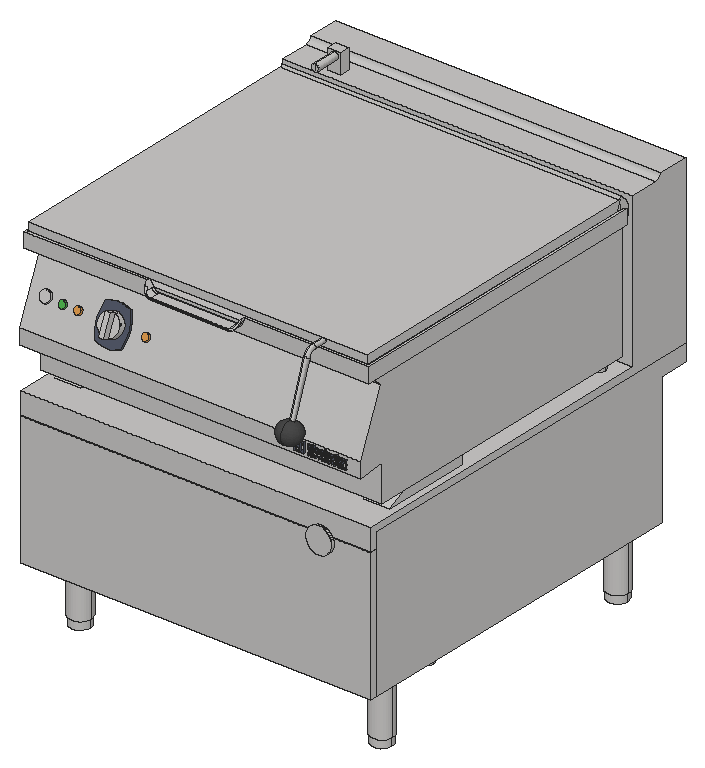
Revit family "QF_ELECTROLUXPROFESSIONAL_391417_E9PPBDBAMED", category Specialty Equipment, Revit 2018 (continued)
Automatic sketch dimensions
  profile plane to Sweep 30 sketch curve = 676.16 mm
  Revolve 31 sketch curve to plane 11 = 23.591 mm
  Revolve 31 sketch curve to plane 8 "Center X" = 65.198 mm
  Revolve 31 sketch curve to Revolve 31 sketch curve = 0 mm  (x4)
  Revolve 31 sketch curve to Revolve 31 sketch curve = 4.229 mm
  Revolve 31 sketch curve to Revolve 31 sketch curve = 3.746 mm
  Revolve 31 sketch curve to Revolve 31 sketch curve = 7.415 mm
  Revolve 31 sketch curve to Revolve 31 sketch curve = 22.45 mm
  Extrusion 33 sketch curve to Sweep 5 = 0 mm  (x2)
  Extrusion 33 sketch curve to Sweep 5 = 0.006 mm
  Extrusion 33 sketch curve to Sweep 5 = 220 mm
  Sweep 5 to Extrusion 33 sketch curve = 0.004 mm
  Extrusion 33 sketch curve to Sweep 5 = 7.312 mm
  Sweep 5 to Extrusion 33 sketch curve = 12.672 mm
  Sweep 5 to Extrusion 33 sketch curve = 4.465 mm
  Extrusion 33 sketch curve to Extrusion 33 sketch curve = 14.214 mm
  Extrusion 33 sketch curve to Extrusion 33 sketch curve = 21.526 mm
  Sweep 5 to Extrusion 33 sketch curve = 12.678 mm
  Extrusion 33 sketch curve to Extrusion 33 sketch curve = 7.323 mm
  curve 52 to plane 7 "Center Y" = 104.586 mm
  curve 52 to curve 2 = 14.792 mm
  curve 2 to curve 45 = 54.848 mm
  curve 45 to curve 52 = 17.07 mm
  curve 52 to curve 1 = 11.572 mm
  curve 44 to curve 44 = 17.07 mm
  plane 14 to curve 12 = 62.192 mm
  plane 14 to curve 32 = 61.843 mm
  curve 13 to curve 26 = 5.816 mm
  curve 26 to curve 13 = 7.309 mm
  curve 6 to curve 11 = 4.184 mm
  Sweep 5 sketch curve to plane 7 "Center Y" = 110 mm
  curve 57 to plane 7 "Center Y" = 86.566 mm
  curve 57 to curve 56 = 11.953 mm
  curve 56 to curve 50 = 23.021 mm
  curve 47 to curve 46 = 17.109 mm
  curve 46 to curve 51 = 23.335 mm
  curve 46 to curve 49 = 5.786 mm  (x2)
  curve 51 to plane 5 "FRONT" = 8.041 mm
  plane 14 to curve 35 = 56.375 mm
  curve 35 to curve 34 = 16.25 mm
  Extrusion 20 sketch curve to plane 7 "Center Y" = 88.474 mm
  plane 14 to Extrusion 22 sketch curve = 117.656 mm
  Extrusion 22 sketch curve to Extrusion 22 sketch curve = 2.119 mm
  Extrusion 22 sketch curve to Extrusion 22 sketch curve = 28.523 mm
  Extrusion 22 sketch curve to Extrusion 22 sketch curve = 30.616 mm
  plane 14 to Extrusion 23 sketch curve = 67.623 mm
  plane 14 to Extrusion 24 sketch curve = 32.319 mm
  plane 14 to Extrusion 25 sketch curve = 147.917 mm
  Extrusion 28 sketch curve to plane 7 "Center Y" = 122.377 mm
  plane 9 "Base" to Revolve 1 sketch curve = 20 mm
  plane 9 "Base" to Revolve 2 sketch curve = 20 mm
  Revolve 13 sketch curve to Revolve 13 sketch curve = 20 mm
  plane 9 "Base" to Revolve 14 sketch curve = 20 mm
  plane 7 "Center Y" to curve 53 = 119.371 mm
  plane 22 to Extrusion 7 sketch curve = 83.682 mm
  plane 22 to Extrusion 19 sketch curve = 83.682 mm
  Extrusion 32 sketch curve to Extrusion 32 sketch curve = 0 mm  (x28)
  plane 16 to Extrusion 32 sketch curve = 31.031 mm
  plane 10 to Extrusion 32 sketch curve = 104.853 mm
  Extrusion 32 sketch curve to Extrusion 32 sketch curve = 3.509 mm  (x2)
  Extrusion 32 sketch curve to plane 16 = 9.633 mm
  Extrusion 32 sketch curve to Extrusion 32 sketch curve = 2.459 mm  (x3)
  Extrusion 32 sketch curve to plane 16 = 1.86 mm
  plane 16 to Extrusion 32 sketch curve = 4.143 mm
  Extrusion 32 sketch curve to Extrusion 32 sketch curve = 5.968 mm
  Extrusion 32 sketch curve to Extrusion 32 sketch curve = 0.918 mm  (x4)
  Extrusion 32 sketch curve to Extrusion 32 sketch curve = 0.949 mm  (x2)
  Extrusion 32 sketch curve to Extrusion 32 sketch curve = 1.035 mm
  Extrusion 32 sketch curve to Extrusion 32 sketch curve = 1.047 mm
  Extrusion 32 sketch curve to Extrusion 32 sketch curve = 3.513 mm  (x2)
  plane 16 to Extrusion 32 sketch curve = 36.887 mm
  Extrusion 32 sketch curve to Extrusion 32 sketch curve = 0.045 mm  (x2)
  plane 16 to Extrusion 32 sketch curve = 29.554 mm
  Extrusion 32 sketch curve to Extrusion 32 sketch curve = 0.277 mm
  Extrusion 32 sketch curve to Extrusion 32 sketch curve = 0.3 mm  (x2)
  Extrusion 32 sketch curve to Extrusion 32 sketch curve = 0.004 mm  (x3)
  Extrusion 32 sketch curve to Extrusion 32 sketch curve = 0.636 mm
  Extrusion 32 sketch curve to Extrusion 32 sketch curve = 0.02 mm  (x2)
  plane 16 to Extrusion 32 sketch curve = 36.125 mm
  Extrusion 32 sketch curve to Extrusion 32 sketch curve = 0.479 mm  (x2)
  plane 16 to Extrusion 32 sketch curve = 28.791 mm
  Extrusion 32 sketch curve to Extrusion 32 sketch curve = 1.645 mm
  Extrusion 32 sketch curve to Extrusion 32 sketch curve = 1.672 mm
  plane 16 to Extrusion 32 sketch curve = 4.181 mm
  Extrusion 32 sketch curve to Extrusion 32 sketch curve = 1.71 mm
  Extrusion 32 sketch curve to Extrusion 32 sketch curve = 0.447 mm  (x2)
  Extrusion 32 sketch curve to Extrusion 32 sketch curve = 0.343 mm
  plane 16 to Extrusion 32 sketch curve = 65.019 mm
  Extrusion 32 sketch curve to Extrusion 32 sketch curve = 0.246 mm
  Extrusion 32 sketch curve to Extrusion 32 sketch curve = 0.124 mm  (x2)
  Extrusion 32 sketch curve to Extrusion 32 sketch curve = 1.995 mm
  Extrusion 32 sketch curve to plane 16 = 3.68 mm
  Extrusion 32 sketch curve to Extrusion 32 sketch curve = 0.996 mm  (x2)
  Extrusion 32 sketch curve to Extrusion 32 sketch curve = 0.509 mm
  Extrusion 32 sketch curve to Extrusion 32 sketch curve = 2.427 mm  (x2)
  Extrusion 32 sketch curve to Extrusion 32 sketch curve = 0.616 mm  (x2)
  Extrusion 32 sketch curve to Extrusion 32 sketch curve = 0.017 mm  (x2)
  Extrusion 32 sketch curve to Extrusion 32 sketch curve = 0.926 mm
  Extrusion 32 sketch curve to Extrusion 32 sketch curve = 0.911 mm
  Extrusion 32 sketch curve to Extrusion 32 sketch curve = 1.839 mm
  Extrusion 32 sketch curve to Extrusion 32 sketch curve = 0.306 mm  (x2)
  Extrusion 32 sketch curve to Extrusion 32 sketch curve = 0.917 mm  (x3)
  Extrusion 32 sketch curve to Extrusion 32 sketch curve = 0.159 mm  (x2)
  Extrusion 32 sketch curve to plane 16 = 3.231 mm
  Extrusion 32 sketch curve to Extrusion 32 sketch curve = 1.342 mm
  Extrusion 32 sketch curve to Extrusion 32 sketch curve = 0.187 mm  (x2)
  Extrusion 32 sketch curve to Extrusion 32 sketch curve = 0.679 mm  (x2)
  Extrusion 32 sketch curve to Extrusion 32 sketch curve = 0.67 mm
  Extrusion 32 sketch curve to Extrusion 32 sketch curve = 0.002 mm
  Extrusion 32 sketch curve to Extrusion 32 sketch curve = 0.007 mm  (x3)
  Extrusion 32 sketch curve to Extrusion 32 sketch curve = 0.383 mm  (x4)
  plane 16 to Extrusion 32 sketch curve = 26.86 mm
  plane 16 to Extrusion 32 sketch curve = 34.193 mm
  Extrusion 32 sketch curve to Extrusion 32 sketch curve = 0.075 mm  (x2)
  Extrusion 32 sketch curve to Extrusion 32 sketch curve = 0.677 mm  (x2)
  Extrusion 32 sketch curve to Extrusion 32 sketch curve = 0.957 mm
  Extrusion 32 sketch curve to Extrusion 32 sketch curve = 1.024 mm
  Extrusion 32 sketch curve to Extrusion 32 sketch curve = 0.328 mm  (x2)
  plane 16 to Extrusion 32 sketch curve = 26.143 mm
  Extrusion 32 sketch curve to Extrusion 32 sketch curve = 0.492 mm  (x2)
  plane 16 to Extrusion 32 sketch curve = 33.476 mm
  Extrusion 32 sketch curve to plane 16 = 3.201 mm
  Extrusion 32 sketch curve to Extrusion 32 sketch curve = 1.815 mm
  Extrusion 32 sketch curve to Extrusion 32 sketch curve = 3.936 mm
  plane 16 to Extrusion 32 sketch curve = 6.401 mm
  Extrusion 32 sketch curve to Extrusion 32 sketch curve = 1.802 mm
  Extrusion 32 sketch curve to Extrusion 32 sketch curve = 0.781 mm
  plane 16 to Extrusion 32 sketch curve = 18.717 mm  (x4)
  Extrusion 32 sketch curve to Extrusion 32 sketch curve = 4.769 mm
  plane 16 to Extrusion 32 sketch curve = 43.012 mm  (x4)
  Extrusion 32 sketch curve to Extrusion 32 sketch curve = 4.78 mm
  plane 16 to Extrusion 32 sketch curve = 2.789 mm
  Extrusion 32 sketch curve to Extrusion 32 sketch curve = 4.809 mm
  plane 16 to Extrusion 32 sketch curve = 54.783 mm
  Extrusion 32 sketch curve to Extrusion 32 sketch curve = 4.821 mm
  plane 16 to Extrusion 32 sketch curve = 32.77 mm
  Extrusion 32 sketch curve to Extrusion 32 sketch curve = 5.852 mm
  Extrusion 32 sketch curve to plane 16 = 10.755 mm
  Extrusion 32 sketch curve to Extrusion 32 sketch curve = 5.071 mm  (x3)
  Extrusion 32 sketch curve to plane 16 = 5.598 mm
  Extrusion 32 sketch curve to Extrusion 32 sketch curve = 0.003 mm  (x2)
  plane 16 to Extrusion 32 sketch curve = 33.791 mm
  Extrusion 32 sketch curve to Extrusion 32 sketch curve = 0.046 mm
  plane 16 to Extrusion 32 sketch curve = 71.33 mm
  Extrusion 32 sketch curve to Extrusion 32 sketch curve = 0.068 mm
  Extrusion 32 sketch curve to Extrusion 32 sketch curve = 10.348 mm
  plane 16 to Extrusion 32 sketch curve = 38.925 mm  (x2)
  Extrusion 32 sketch curve to Extrusion 32 sketch curve = 1.761 mm
  plane 16 to Extrusion 32 sketch curve = 50.493 mm
  Extrusion 32 sketch curve to Extrusion 32 sketch curve = 1.821 mm
  plane 16 to Extrusion 32 sketch curve = 54.702 mm
  Extrusion 32 sketch curve to Extrusion 32 sketch curve = 2.064 mm  (x2)
  Extrusion 32 sketch curve to Extrusion 32 sketch curve = 2.196 mm  (x3)
  Extrusion 32 sketch curve to Extrusion 32 sketch curve = 2.206 mm  (x2)
  plane 16 to Extrusion 32 sketch curve = 2.77 mm
  Extrusion 32 sketch curve to Extrusion 32 sketch curve = 2.216 mm
  Extrusion 32 sketch curve to Extrusion 32 sketch curve = 0.588 mm
  Extrusion 32 sketch curve to Extrusion 32 sketch curve = 0.037 mm
  Extrusion 32 sketch curve to Extrusion 32 sketch curve = 0.109 mm
  plane 16 to Extrusion 32 sketch curve = 32.761 mm
  Extrusion 32 sketch curve to Extrusion 32 sketch curve = 2.272 mm  (x2)
  Extrusion 32 sketch curve to plane 16 = 4.747 mm
  Extrusion 32 sketch curve to Extrusion 32 sketch curve = 2.435 mm
  Extrusion 32 sketch curve to Extrusion 32 sketch curve = 1.25 mm
  plane 16 to Extrusion 32 sketch curve = 51.95 mm
  Extrusion 32 sketch curve to Extrusion 32 sketch curve = 1.417 mm
  plane 16 to Extrusion 32 sketch curve = 40.422 mm  (x2)
  Extrusion 32 sketch curve to Extrusion 32 sketch curve = 1.558 mm  (x2)
  Extrusion 32 sketch curve to plane 16 = 11.031 mm
  Extrusion 32 sketch curve to Extrusion 32 sketch curve = 3.247 mm
  Extrusion 32 sketch curve to plane 16 = 8.176 mm  (x2)
  Extrusion 32 sketch curve to Extrusion 32 sketch curve = 0.339 mm
  Extrusion 32 sketch curve to Extrusion 32 sketch curve = 4.029 mm
  Extrusion 32 sketch curve to plane 16 = 1.884 mm
  Extrusion 32 sketch curve to Extrusion 32 sketch curve = 1.655 mm
  plane 16 to Extrusion 32 sketch curve = 4.985 mm
  Extrusion 32 sketch curve to Extrusion 32 sketch curve = 0.201 mm
  plane 16 to Extrusion 32 sketch curve = 37.42 mm
  Extrusion 32 sketch curve to Extrusion 32 sketch curve = 2.769 mm
  plane 16 to Extrusion 32 sketch curve = 0.553 mm
  Extrusion 32 sketch curve to Extrusion 32 sketch curve = 0.162 mm
  Extrusion 32 sketch curve to Extrusion 32 sketch curve = 0.137 mm
  plane 16 to Extrusion 32 sketch curve = 72.357 mm
  Extrusion 32 sketch curve to Extrusion 32 sketch curve = 2.101 mm
  Extrusion 32 sketch curve to Extrusion 32 sketch curve = 0.103 mm  (x2)
  Extrusion 32 sketch curve to Extrusion 32 sketch curve = 2.671 mm
  plane 16 to Extrusion 32 sketch curve = 60.227 mm
  Extrusion 32 sketch curve to Extrusion 32 sketch curve = 0.566 mm
  plane 16 to Extrusion 32 sketch curve = 24.258 mm
  Extrusion 32 sketch curve to Extrusion 32 sketch curve = 3.183 mm  (x2)
  plane 16 to Extrusion 32 sketch curve = 13.177 mm
  Extrusion 32 sketch curve to Extrusion 32 sketch curve = 5.077 mm
  plane 16 to Extrusion 32 sketch curve = 21.859 mm
  plane 16 to Extrusion 32 sketch curve = 15.575 mm
  plane 16 to Extrusion 32 sketch curve = 48.557 mm
  Extrusion 32 sketch curve to Extrusion 32 sketch curve = 0.627 mm
  plane 16 to Extrusion 32 sketch curve = 46.149 mm
  plane 16 to Extrusion 32 sketch curve = 28.375 mm  (x2)
  Extrusion 32 sketch curve to Extrusion 32 sketch curve = 0.262 mm
  Extrusion 32 sketch curve to plane 16 = 6.847 mm
  Extrusion 32 sketch curve to Extrusion 32 sketch curve = 1.773 mm
  Extrusion 32 sketch curve to plane 16 = 9.507 mm
  Extrusion 32 sketch curve to Extrusion 32 sketch curve = 1.793 mm
  Extrusion 32 sketch curve to Extrusion 32 sketch curve = 1.788 mm
  plane 16 to Extrusion 32 sketch curve = 52.274 mm
  Extrusion 32 sketch curve to Extrusion 32 sketch curve = 1.7 mm
  Extrusion 32 sketch curve to Extrusion 32 sketch curve = 1.733 mm
  Extrusion 32 sketch curve to Extrusion 32 sketch curve = 4.169 mm
  Extrusion 32 sketch curve to Extrusion 32 sketch curve = 1.242 mm
  Extrusion 32 sketch curve to Extrusion 32 sketch curve = 2.572 mm  (x2)
  Extrusion 32 sketch curve to plane 16 = 11.394 mm
  Extrusion 32 sketch curve to Extrusion 32 sketch curve = 2.881 mm
  Extrusion 32 sketch curve to Extrusion 32 sketch curve = 3.582 mm
  plane 16 to Extrusion 32 sketch curve = 25.635 mm
  Extrusion 32 sketch curve to Extrusion 32 sketch curve = 0.101 mm
  Extrusion 32 sketch curve to plane 16 = 4.843 mm
  Extrusion 32 sketch curve to Extrusion 32 sketch curve = 2.74 mm
  Extrusion 32 sketch curve to Extrusion 32 sketch curve = 1.113 mm
  plane 16 to Extrusion 32 sketch curve = 54.844 mm  (x2)
  Extrusion 32 sketch curve to Extrusion 32 sketch curve = 2.226 mm
  Extrusion 32 sketch curve to Extrusion 32 sketch curve = 2.28 mm
  Extrusion 32 sketch curve to Extrusion 32 sketch curve = 0.585 mm
  Extrusion 32 sketch curve to plane 16 = 3.341 mm
  Extrusion 32 sketch curve to Extrusion 32 sketch curve = 2.054 mm
  Extrusion 32 sketch curve to plane 16 = 13.011 mm
  Extrusion 32 sketch curve to Extrusion 32 sketch curve = 2.203 mm
  Extrusion 32 sketch curve to Extrusion 32 sketch curve = 1.51 mm
  Extrusion 32 sketch curve to Extrusion 32 sketch curve = 5.923 mm
  plane 16 to Extrusion 32 sketch curve = 24.628 mm
  Extrusion 32 sketch curve to Extrusion 32 sketch curve = 2.337 mm
  Extrusion 32 sketch curve to Extrusion 32 sketch curve = 1.561 mm
  Extrusion 32 sketch curve to Extrusion 32 sketch curve = 3.319 mm
  Extrusion 32 sketch curve to Extrusion 32 sketch curve = 0.191 mm
  Extrusion 32 sketch curve to Extrusion 32 sketch curve = 2.274 mm
  Extrusion 32 sketch curve to Extrusion 32 sketch curve = 3.888 mm  (x2)
  Extrusion 32 sketch curve to Extrusion 32 sketch curve = 0.986 mm
  Extrusion 32 sketch curve to Extrusion 32 sketch curve = 2.599 mm  (x2)
  Extrusion 32 sketch curve to Extrusion 32 sketch curve = 2.865 mm
  Extrusion 32 sketch curve to Extrusion 32 sketch curve = 0.998 mm  (x6)
  Extrusion 32 sketch curve to Extrusion 32 sketch curve = 1.022 mm
  Extrusion 32 sketch curve to Extrusion 32 sketch curve = 1.117 mm
  Extrusion 32 sketch curve to Extrusion 32 sketch curve = 1.993 mm
  Extrusion 32 sketch curve to Extrusion 32 sketch curve = 1.073 mm
  Extrusion 32 sketch curve to Extrusion 32 sketch curve = 0.448 mm  (x2)
  Extrusion 32 sketch curve to Extrusion 32 sketch curve = 0.9 mm
  Extrusion 32 sketch curve to plane 16 = 0.788 mm
  Extrusion 32 sketch curve to Extrusion 32 sketch curve = 1.008 mm
  Extrusion 32 sketch curve to Extrusion 32 sketch curve = 2.221 mm
  Extrusion 32 sketch curve to Extrusion 32 sketch curve = 0.971 mm
  Extrusion 32 sketch curve to Extrusion 32 sketch curve = 2.438 mm
  Extrusion 32 sketch curve to Extrusion 32 sketch curve = 1.849 mm
  Extrusion 32 sketch curve to Extrusion 32 sketch curve = 2.419 mm
  Extrusion 32 sketch curve to Extrusion 32 sketch curve = 6.696 mm  (x2)
  Extrusion 32 sketch curve to Extrusion 32 sketch curve = 5.345 mm
  Extrusion 32 sketch curve to Extrusion 32 sketch curve = 0.421 mm  (x2)
  Extrusion 32 sketch curve to Extrusion 32 sketch curve = 0.078 mm  (x2)
  Extrusion 32 sketch curve to Extrusion 32 sketch curve = 0.133 mm  (x2)
  Extrusion 32 sketch curve to Extrusion 32 sketch curve = 0.006 mm  (x2)
  Extrusion 32 sketch curve to Extrusion 32 sketch curve = 0.23 mm  (x2)
  Extrusion 32 sketch curve to Extrusion 32 sketch curve = 0.065 mm  (x2)
  Extrusion 32 sketch curve to Extrusion 32 sketch curve = 0.279 mm  (x2)
  Extrusion 32 sketch curve to Extrusion 32 sketch curve = 0.251 mm  (x2)
  Extrusion 32 sketch curve to Extrusion 32 sketch curve = 0.134 mm  (x2)
  Extrusion 32 sketch curve to Extrusion 32 sketch curve = 0.009 mm  (x2)
  Extrusion 32 sketch curve to Extrusion 32 sketch curve = 0.164 mm  (x2)
  Extrusion 32 sketch curve to Extrusion 32 sketch curve = 0.077 mm  (x2)
  Extrusion 32 sketch curve to Extrusion 32 sketch curve = 0.866 mm  (x2)
  Extrusion 32 sketch curve to Extrusion 32 sketch curve = 2.398 mm
  Extrusion 32 sketch curve to Extrusion 32 sketch curve = 2.034 mm
  Extrusion 32 sketch curve to Extrusion 32 sketch curve = 2.418 mm
  Extrusion 32 sketch curve to Extrusion 32 sketch curve = 1.355 mm
  Extrusion 32 sketch curve to Extrusion 32 sketch curve = 3.835 mm
  Extrusion 32 sketch curve to Extrusion 32 sketch curve = 0.047 mm  (x2)
  Extrusion 32 sketch curve to Extrusion 32 sketch curve = 0.135 mm
  Extrusion 32 sketch curve to Extrusion 32 sketch curve = 0.977 mm
  Extrusion 32 sketch curve to Extrusion 32 sketch curve = 0.409 mm
  Extrusion 32 sketch curve to Extrusion 32 sketch curve = 4.118 mm
  Extrusion 32 sketch curve to Extrusion 32 sketch curve = 0.175 mm
  Extrusion 32 sketch curve to Extrusion 32 sketch curve = 1.289 mm
  Extrusion 32 sketch curve to Extrusion 32 sketch curve = 1.827 mm
  Extrusion 32 sketch curve to Extrusion 32 sketch curve = 2.51 mm
  Extrusion 32 sketch curve to Extrusion 32 sketch curve = 0.061 mm
  Extrusion 32 sketch curve to Extrusion 32 sketch curve = 6.931 mm
  Extrusion 32 sketch curve to Extrusion 32 sketch curve = 1.165 mm
  Extrusion 32 sketch curve to Extrusion 32 sketch curve = 2.417 mm
  Extrusion 32 sketch curve to Extrusion 32 sketch curve = 1.133 mm
  Extrusion 32 sketch curve to Extrusion 32 sketch curve = 0.82 mm
  Extrusion 32 sketch curve to Extrusion 32 sketch curve = 1.717 mm
  Extrusion 32 sketch curve to Extrusion 32 sketch curve = 0.161 mm
  Extrusion 32 sketch curve to Extrusion 32 sketch curve = 1.885 mm
  Extrusion 32 sketch curve to Extrusion 32 sketch curve = 2.261 mm
  Extrusion 32 sketch curve to Extrusion 32 sketch curve = 1.718 mm
  Extrusion 32 sketch curve to Extrusion 32 sketch curve = 0.886 mm
  Extrusion 32 sketch curve to Extrusion 32 sketch curve = 0.969 mm
  Extrusion 32 sketch curve to Extrusion 32 sketch curve = 0.001 mm
  Extrusion 32 sketch curve to Extrusion 32 sketch curve = 5.646 mm
  Extrusion 32 sketch curve to Extrusion 32 sketch curve = 0.067 mm
  Extrusion 32 sketch curve to Extrusion 32 sketch curve = 0.04 mm
  Extrusion 32 sketch curve to Extrusion 32 sketch curve = 0.939 mm
  Extrusion 32 sketch curve to Extrusion 32 sketch curve = 0.873 mm
  Extrusion 32 sketch curve to Extrusion 32 sketch curve = 2.416 mm
  Extrusion 32 sketch curve to Extrusion 32 sketch curve = 9.714 mm
  Extrusion 32 sketch curve to Extrusion 32 sketch curve = 8.795 mm
  Extrusion 32 sketch curve to Extrusion 32 sketch curve = 1.097 mm  (x2)
  Extrusion 32 sketch curve to Extrusion 32 sketch curve = 1.972 mm
  Extrusion 32 sketch curve to Extrusion 32 sketch curve = 0.238 mm
  Extrusion 32 sketch curve to Extrusion 32 sketch curve = 3.568 mm
  Extrusion 32 sketch curve to Extrusion 32 sketch curve = 3.898 mm
  Extrusion 32 sketch curve to Extrusion 32 sketch curve = 0.915 mm  (x2)
  Extrusion 32 sketch curve to Extrusion 32 sketch curve = 0.408 mm  (x2)
  Extrusion 32 sketch curve to Extrusion 32 sketch curve = 0.453 mm  (x2)
  Extrusion 32 sketch curve to Extrusion 32 sketch curve = 0.239 mm  (x2)
  Extrusion 32 sketch curve to Extrusion 32 sketch curve = 0.266 mm  (x2)
  Extrusion 32 sketch curve to Extrusion 32 sketch curve = 0.148 mm  (x2)
  Extrusion 32 sketch curve to Extrusion 32 sketch curve = 0.764 mm  (x2)
  Extrusion 32 sketch curve to Extrusion 32 sketch curve = 0.041 mm  (x2)
  Extrusion 32 sketch curve to Extrusion 32 sketch curve = 1.266 mm  (x2)
  radius of Extrusion 8 sketch curve = 15 mm  (x2)
  radius of Sweep 15 sketch curve = 5 mm
  radius of Extrusion 17 sketch curve = 12.7 mm
  radius of Extrusion 18 sketch curve = 30 mm
  radius of Extrusion 23 sketch curve = 8 mm
  radius of Extrusion 24 sketch curve = 8 mm
  radius of Extrusion 25 sketch curve = 25.4 mm
  radius of Extrusion 26 sketch curve to Extrusion 25 = 0 mm  (x2)
  radius of Extrusion 27 sketch curve = 12.7 mm
  radius of Extrusion 28 sketch curve = 8 mm
  radius of Sweep 30 sketch curve = 5 mm
  radius of Extrusion 34 sketch curve = 9.525 mm
  radius of Extrusion 35 sketch curve = 6.35 mm
  radius of Extrusion 32 sketch curve = 2.521 mm  (x2)
  radius of Extrusion 32 sketch curve = 1.6 mm
  radius of Extrusion 32 sketch curve = 1.51 mm
Connectors
  piping at (389, -760.182, 325), diameter 19
    settings: on Extrusion 34, index 1, connector inside diameter 0.74803", connector length 0 mm, flow factor 0, pipe flow 0 GPM, pressure drop 0.00 psi, fitting loss kfactor 0, connector angle 0.00°, fixture units 0, engagement length 0 mm, angle of deflection 0.00°, flow configuration 1, flow direction 1, fitting loss method 0, system type 20, joint type 0, gender type 0, connector reference index -1, connector utility 0, adjustable connector no, is connector primary yes, connector description "COLD WATER INLET"
  electrical at (340, -702.182, 220)
    settings: on Extrusion 35, index 2, voltage 400 V, apparent load 13000 VA, apparent load phase1 0 VA, apparent load phase2 0 VA, apparent load phase3 0 VA, power factor 1, load classification "Other", number of poles 1, system type 30, power factor state 1, is connector primary yes, connector utility no, sub classification motor no, connector description "ELECTRICAL CONNECTION"
